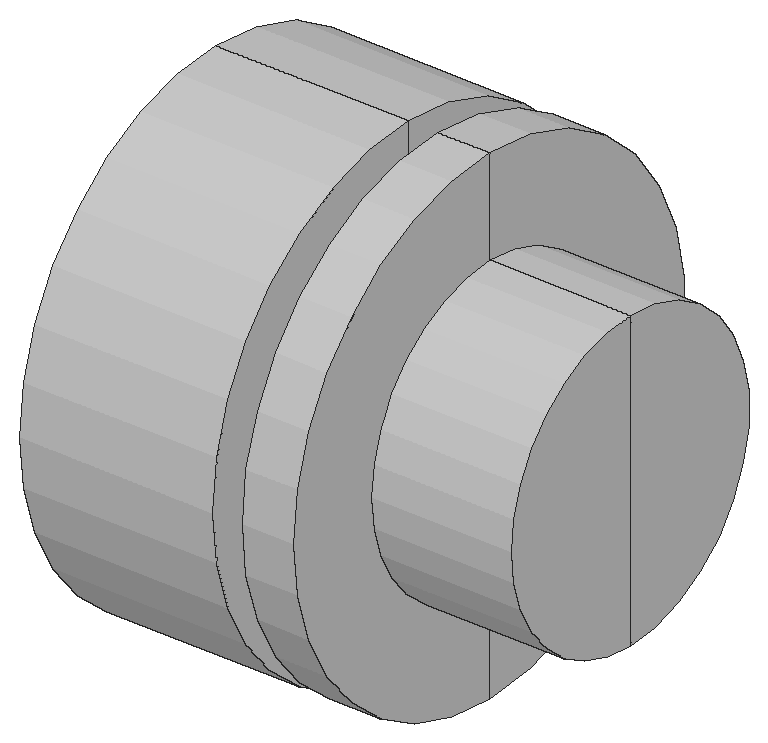
Revit family "3011_Anschlussverschraubung", category Rohrformteile, Revit 2021
Family settings
  Bemaßung runder Anschluss = Durchmesser verwenden
  Teiletyp = Verbindung
  OmniClass-Nummer = 23.65.55.14
  OmniClass-Titel = Valves for Liquid Services
  Arbeitsebenenbasiert = Nein
  Immer vertikal = Ja
  Beim Laden mit Abzugskörper schneiden = Nein
  Gemeinsam genutzt = Nein
Parameters (values of type "G3/4x28mm")
  Vorgabe-Ansicht = 0.00 mm
  URL = "www.herz-armaturen.at"
  SCRNSEQ = "AWI;AWI_TYP=\"1001\";2"
  SCRNCODE = "07;01;02"  # constant formula
  S02 = 8.00 mm  # constant formula
  S01 [instance] = GT  # 7.00 mm
  O-Ring = "EPDM"  # constant formula
  Nennweite [instance] = 20.00 mm  # constant formula
  Mutter = "Messing CW614N, vernickelt"  # constant formula
  Max. Betriebstemperatur = 110 °C  # constant formula
  Max. Betriebsdruck = 1000000.0 Pa  # constant formula
  Medium = "Heizungswasser nach ÖNORM H5195 oder VDI- Richtlinie 2035.\r\nDie Verwendung von Ethylen- oder Propyleneglykol in einem Mischungsverhältnis 25- 50% ist zulässig."
  L03 [instance] = 13.00 mm  # constant formula
  Hinweiß = "Der O-Ring dient als zusätzliche Dichtung, bei Verlust ist der Eisenrohranschluss metallisch dichtend."
  GT [instance] = 7.00 mm  # constant formula
  L02 [instance] = 9.50 mm  # constant formula
  L01 [instance] = 13.00 mm  # constant formula
  L00 [instance] = if([3_4x28], 28.00 mm, if([3_4x37], 37.00 mm, 0.00 mm))  # 28.00 mm
  Hersteller = "HERZ Armaturen Ges.m.b.H."  # constant formula
  D04 [instance] = 10.00 mm  # constant formula
  Bestellnummer = if([3_4x28], 1301102, if([3_4x37], 1301103, 0))  # 1301102
  D03 [instance] = 16.50 mm  # constant formula
  D02 [instance] = 10.20 mm  # constant formula
  D01 [instance] = 10.00 mm  # constant formula
  D00 [instance] = 16.50 mm  # constant formula
  Ausführung = "Anschlussverschraubung, konisch dichtend mit freidrehender Überwurfmutter G3/4\"."
  Anschlussstück = "Messing CW614N, vernickelt"  # constant formula
  3_4x37 = no
  3_4x28 = yes
Types (3, lengths in mm): name | L00 | Bestellnummer | 3_4x37 | 3_4x28
  (no name) | 28.00 | 1301102 | no | yes
  G3/4x28mm | 28.00 | 1301102 | no | yes
  G3/4x37mm | 37.00 | 1301103 | yes | no
Reference planes
  plane 1 "Mitte (Vorne/hinten)": y = 0
  plane 2: z = 0
  plane 3 "Mitte (Links/rechts)": x = 0
Forms (mm)
  Revolve 1, solid, material "Messing, vernickelt", detail levels fine
    sketch origin (0, 0, 0) x (1, 0, 0) y (0, 0, 1)
      loop
        line (0, 10) -> (7, 10) -> (7, 0) -> (28, 0) -> (28, 10) -> (18.5, 10) -> (18.5, 16.5) -> (15, 16.5) -> (15, 10.2) -> (13, 10.2) -> (13, 16.5) -> (0, 16.5) -> (0, 10)
      axis (0, 0) -> (28, 0)
    angle from 0 to 360
Lines and regions (mm)
  model lines, detail levels coarse+medium
    curve 1: line (0, 0, 0) -> (28, 0, 0)
    curve 2: line (7, 0, 16.5) -> (7, 0, -16.5)
    curve 3: line (7, 0, -16.5) -> (15, 0, -16.5)
    curve 4: line (15, 0, -16.5) -> (7, 0, 0)
    curve 5: line (7, 0, 16.5) -> (15, 0, 16.5)
    curve 6: line (15, 0, 16.5) -> (7, 0, 0)
    curve 7: line (7, 16.5, 0) -> (7, -16.5, 0)
    curve 8: line (7, -16.5, 0) -> (15, -16.5, 0)
    curve 9: line (15, -16.5, 0) -> (7, 0, 0)
    curve 10: line (7, 16.5, 0) -> (15, 16.5, 0)
    curve 11: line (15, 16.5, 0) -> (7, 0, 0)
Dimensions and locks
  "L01": Revolve 1 sketch curve to plane 3 "Mitte (Links/rechts)"
  "L00": Revolve 1 sketch curve to plane 3 "Mitte (Links/rechts)"
  "D00": Revolve 1 sketch curve to plane 2
  "L03": Revolve 1 sketch curve to Revolve 1 sketch curve
  "D01": Revolve 1 sketch curve to plane 2
  "D02": Revolve 1 sketch curve to plane 2
  "D03": Revolve 1 sketch curve to plane 2
  "GT": Revolve 1 sketch curve to plane 3 "Mitte (Links/rechts)"
  "L00": curve 1 to curve 1
  "S01": curve 2 to plane 3 "Mitte (Links/rechts)"
  "S02": curve 2 to curve 6
  "S02": curve 2 to curve 4
  "S01": curve 1 to curve 7
  "S02": curve 7 to curve 11
  "S02": curve 7 to curve 9
  "D00": curve 8 to plane 1 "Mitte (Vorne/hinten)" to curve 10
  "D00": curve 5 to plane 2 to curve 3
  "L02": Revolve 1 sketch curve to Revolve 1 sketch curve
  "D04": Revolve 1 sketch curve to plane 2
  aligned and locked: level to plane 2
Automatic sketch dimensions
  curve 1 to level = 0.00 mm
  curve 1 to plane 3 "Mitte (Links/rechts)" = 0.00 mm
  curve 4 to level = 0.00 mm
  curve 6 to curve 4 = 0.00 mm
  plane 1 "Mitte (Vorne/hinten)" to curve 9 = 0.00 mm
  plane 1 "Mitte (Vorne/hinten)" to curve 11 = 0.00 mm
  Revolve 1 sketch curve to level = 0.00 mm  (x2)
  Revolve 1 sketch curve to plane 3 "Mitte (Links/rechts)" = 0.00 mm
  Revolve 1 sketch curve to plane 3 "Mitte (Links/rechts)" = 1506.53 mm
  Revolve 1 sketch curve to Revolve 1 sketch curve = 1792.148 mm
Connectors
  piping at (7, 0, 0), diameter 20, driven by "Nennweite"
    settings: on Revolve 1, index 1, connector inside diameter 609.6 mm, connector length 0.00 mm, flow factor 0, pipe flow 0.0 L/s, pressure drop 0.0 Pa, fitting loss kfactor 0, connector angle 0.00°, fixture units 0, engagement length 0.00 mm, angle of deflection 0.00°, flow configuration 0, flow direction 0, fitting loss method 0, system type 29, joint type 0, gender type 0, connector reference index -1, connector utility 0, adjustable connector no, is connector primary yes, connector description ""
  piping at (28, 0, 0), diameter 20, driven by "Nennweite"
    settings: on Revolve 1, index 2, connector inside diameter 609.6 mm, connector length 0.00 mm, flow factor 0, pipe flow 0.0 L/s, pressure drop 0.0 Pa, fitting loss kfactor 0, connector angle 0.00°, fixture units 0, engagement length 0.00 mm, angle of deflection 0.00°, flow configuration 0, flow direction 0, fitting loss method 0, system type 29, joint type 0, gender type 0, connector reference index -1, connector utility 0, adjustable connector no, is connector primary no, connector description ""
